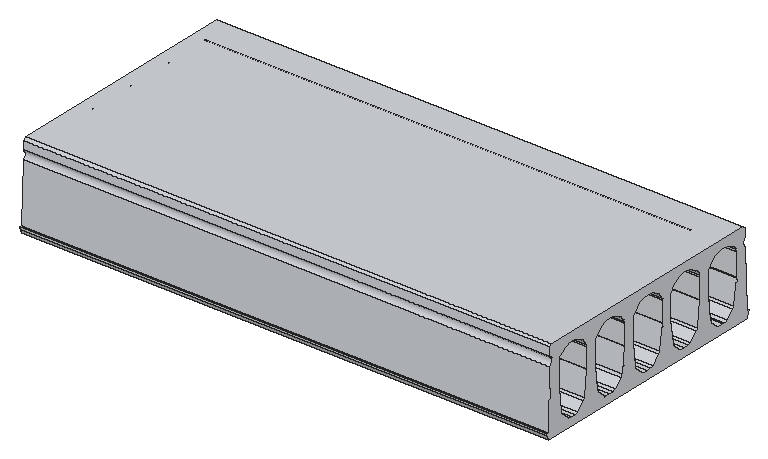
Revit family "EX40 dæk Spæncom", category Structural Framing, Revit 2014
Parameters
  Width element (formmål 1197mm) [instance] = 1197 mm
  Structural Material [instance] = none
  Model = "EX40"
  Manufacturer = "Spæncom"
  Length [instance] = 3000 mm
  Height = 400 mm  # constant formula
Reference planes
  plane 1 "Center (Front/Back)": y = 0
  plane 2 "Center Elevation": z = 0
  plane 3 "Center (Left/Right)": x = 0
  plane 4 "Left": x = -1500
  plane 5 "Member Left": x = -1250
  plane 6 "Stick Symbol Left": x = -1000
  plane 7 "Right": x = 1500
  plane 8 "Member Right": x = 1250
  plane 9 "Stick Symbol Right": x = 1000
Forms (mm)
  Extrusion 1, solid, material <- "Structural Material"
    sketch origin (-1750, 0, 0) x (0, -1, 0) y (0, 0, 1)
      loop
        line (-597.5, 20) -> (-587.5, 0) -> (587.5, 0) -> (597.5, 20) -> (598.5, 30) -> (588.5, 30) -> (580.235, 308.017)
        arc (580.235, 308.017) -> (567.613, 328.66) -> (578.986, 350.017) r 24.389
        line (578.986, 350.017) -> (577.797, 390.004) -> (567.5, 400) -> (-567.5, 400) -> (-577.797, 390.004) -> (-578.986, 350.017)
        arc (-578.986, 350.017) -> (-567.613, 328.66) -> (-580.235, 308.017) r 24.389
        line (-580.235, 308.017) -> (-588.5, 30) -> (-598.5, 30) -> (-597.5, 20)
      loop
        line (-460.394, 36) -> (-448, 36) -> (-426.106, 36)
        arc (-426.106, 36) -> (-418.594, 37.465) -> (-412.181, 41.644) r 20
        line (-412.181, 41.644) -> (-378.207, 74.599)
        arc (-378.207, 74.599) -> (-374.528, 79.463) -> (-372.486, 85.209) r 20
        line (-372.486, 85.209) -> (-358.653, 198.77)
        arc (-358.653, 198.77) -> (-358.586, 199.384) -> (-358.538, 200) r 20
        arc (-358.538, 200) -> (-358.51, 200.619) -> (-358.5, 201.239) r 20
        line (-358.5, 201.239) -> (-358.5, 296.147)
        arc (-358.5, 296.147) -> (-358.993, 300.561) -> (-360.448, 304.757) r 20
        arc (-360.448, 304.757) -> (-396.238, 345.035) -> (-448, 360) r 97
        arc (-448, 360) -> (-489.904, 350.482) -> (-523.584, 323.795) r 97
        arc (-523.584, 323.795) -> (-526.864, 317.905) -> (-528, 311.26) r 20
        line (-528, 311.26) -> (-528, 201.239)
        arc (-528, 201.239) -> (-527.962, 200.002) -> (-527.847, 198.77) r 20
        line (-527.847, 198.77) -> (-514.014, 85.209)
        arc (-514.014, 85.209) -> (-511.972, 79.463) -> (-508.293, 74.599) r 20
        line (-508.293, 74.599) -> (-474.319, 41.644)
        arc (-474.319, 41.644) -> (-467.906, 37.465) -> (-460.394, 36) r 20
      loop
        arc (-224, 360) -> (-275.762, 345.035) -> (-311.552, 304.757) r 97
        arc (-311.552, 304.757) -> (-313.007, 300.561) -> (-313.5, 296.147) r 20
        line (-313.5, 296.147) -> (-313.5, 201.239)
        arc (-313.5, 201.239) -> (-313.462, 200.002) -> (-313.347, 198.77) r 20
        line (-313.347, 198.77) -> (-299.514, 85.209)
        arc (-299.514, 85.209) -> (-297.472, 79.463) -> (-293.793, 74.599) r 20
        line (-293.793, 74.599) -> (-259.819, 41.644)
        arc (-259.819, 41.644) -> (-253.406, 37.465) -> (-245.894, 36) r 20
        line (-245.894, 36) -> (-224, 36) -> (-202.106, 36)
        arc (-202.106, 36) -> (-194.594, 37.465) -> (-188.181, 41.644) r 20
        line (-188.181, 41.644) -> (-154.207, 74.599)
        arc (-154.207, 74.599) -> (-150.528, 79.463) -> (-148.486, 85.209) r 20
        line (-148.486, 85.209) -> (-134.653, 198.77)
        arc (-134.653, 198.77) -> (-134.586, 199.384) -> (-134.538, 200) r 20
        arc (-134.538, 200) -> (-134.51, 200.619) -> (-134.5, 201.239) r 20
        line (-134.5, 201.239) -> (-134.5, 296.147)
        arc (-134.5, 296.147) -> (-134.993, 300.561) -> (-136.448, 304.757) r 20
        arc (-136.448, 304.757) -> (-172.238, 345.035) -> (-224, 360) r 97
      loop
        line (-21.894, 36) -> (0, 36) -> (21.894, 36)
        arc (21.894, 36) -> (29.406, 37.465) -> (35.819, 41.644) r 20
        line (35.819, 41.644) -> (69.793, 74.599)
        arc (69.793, 74.599) -> (73.472, 79.463) -> (75.514, 85.209) r 20
        line (75.514, 85.209) -> (89.347, 198.77)
        arc (89.347, 198.77) -> (89.462, 200.002) -> (89.5, 201.239) r 20
        line (89.5, 201.239) -> (89.5, 296.147)
        arc (89.5, 296.147) -> (89.007, 300.561) -> (87.552, 304.757) r 20
        arc (87.552, 304.757) -> (51.762, 345.035) -> (0, 360) r 97
        arc (0, 360) -> (-51.762, 345.035) -> (-87.552, 304.757) r 97
        arc (-87.552, 304.757) -> (-89.007, 300.561) -> (-89.5, 296.147) r 20
        line (-89.5, 296.147) -> (-89.5, 201.239)
        arc (-89.5, 201.239) -> (-89.49, 200.619) -> (-89.462, 200) r 20
        arc (-89.462, 200) -> (-89.414, 199.384) -> (-89.347, 198.77) r 20
        line (-89.347, 198.77) -> (-75.514, 85.209)
        arc (-75.514, 85.209) -> (-73.472, 79.463) -> (-69.793, 74.599) r 20
        line (-69.793, 74.599) -> (-35.819, 41.644)
        arc (-35.819, 41.644) -> (-29.406, 37.465) -> (-21.894, 36) r 20
      loop
        arc (245.894, 36) -> (253.406, 37.465) -> (259.819, 41.644) r 20
        line (259.819, 41.644) -> (293.793, 74.599)
        arc (293.793, 74.599) -> (297.472, 79.463) -> (299.514, 85.209) r 20
        line (299.514, 85.209) -> (313.347, 198.77)
        arc (313.347, 198.77) -> (313.462, 200.002) -> (313.5, 201.239) r 20
        line (313.5, 201.239) -> (313.5, 296.147)
        arc (313.5, 296.147) -> (313.007, 300.561) -> (311.552, 304.757) r 20
        arc (311.552, 304.757) -> (275.762, 345.035) -> (224, 360) r 97
        arc (224, 360) -> (172.238, 345.035) -> (136.448, 304.757) r 97
        arc (136.448, 304.757) -> (134.993, 300.561) -> (134.5, 296.147) r 20
        line (134.5, 296.147) -> (134.5, 201.239)
        arc (134.5, 201.239) -> (134.51, 200.619) -> (134.538, 200) r 20
        arc (134.538, 200) -> (134.586, 199.384) -> (134.653, 198.77) r 20
        line (134.653, 198.77) -> (148.486, 85.209)
        arc (148.486, 85.209) -> (150.528, 79.463) -> (154.207, 74.599) r 20
        line (154.207, 74.599) -> (188.181, 41.644)
        arc (188.181, 41.644) -> (194.594, 37.465) -> (202.106, 36) r 20
        line (202.106, 36) -> (224, 36) -> (245.894, 36)
      loop
        arc (412.181, 41.644) -> (418.594, 37.465) -> (426.106, 36) r 20
        line (426.106, 36) -> (448, 36) -> (460.394, 36)
        arc (460.394, 36) -> (467.906, 37.465) -> (474.319, 41.644) r 20
        line (474.319, 41.644) -> (508.293, 74.599)
        arc (508.293, 74.599) -> (511.972, 79.463) -> (514.014, 85.209) r 20
        line (514.014, 85.209) -> (527.847, 198.77)
        arc (527.847, 198.77) -> (527.962, 200.002) -> (528, 201.239) r 20
        line (528, 201.239) -> (528, 311.26)
        arc (528, 311.26) -> (526.864, 317.905) -> (523.584, 323.795) r 20
        arc (523.584, 323.795) -> (489.904, 350.482) -> (448, 360) r 97
        arc (448, 360) -> (396.238, 345.035) -> (360.448, 304.757) r 97
        arc (360.448, 304.757) -> (358.993, 300.561) -> (358.5, 296.147) r 20
        line (358.5, 296.147) -> (358.5, 201.239)
        arc (358.5, 201.239) -> (358.51, 200.619) -> (358.538, 200) r 20
        arc (358.538, 200) -> (358.586, 199.384) -> (358.653, 198.77) r 20
        line (358.653, 198.77) -> (372.486, 85.209)
        arc (372.486, 85.209) -> (374.528, 79.463) -> (378.207, 74.599) r 20
        line (378.207, 74.599) -> (412.181, 41.644)
    from -500 to -3000
  Extrusion 2, void
    sketch origin (1500, 1197, 0) x (0, -1, 0) y (0, 0, 1)
      loop
        line (598.5, 0) -> (598.5, 400) -> (-598.5, 400) -> (-598.5, 0) -> (598.5, 0)
    from 250 to 2750
Cuts and joins
  Extrusion 2 cuts Extrusion 1
Lines and regions (mm)
  model lines, style "Stick Symbols", detail levels coarse
    curve 1: line (-1000, 0, 0) -> (1000, 0, 0)
Dimensions and locks
  equal spacing: plane 4 "Left", plane 3 "Center (Left/Right)", plane 7 "Right"
  "Length": plane 4 "Left" to plane 7 "Right"
  "Height": Extrusion 1 to Extrusion 1
  "Width element (formmål 1197mm)": cut or joined group of Extrusion 1, Extrusion 2 to Extrusion 2 sketch curve
  aligned and locked: plane 1 "Center (Front/Back)" to curve 1
  aligned and locked: plane 6 "Stick Symbol Left" to curve 1
  aligned and locked: plane 9 "Stick Symbol Right" to curve 1
  aligned and locked: level to plane 2 "Center Elevation"
  aligned and locked: plane 5 "Member Left" to Extrusion 1
  aligned and locked: Extrusion 1 to plane 8 "Member Right"
  aligned and locked: Extrusion 2 to plane 5 "Member Left"
  aligned and locked: Extrusion 2 to plane 8 "Member Right"
Automatic sketch dimensions
  Extrusion 1 sketch curve to Extrusion 1 sketch curve = 0 mm  (x29)
  Extrusion 1 sketch curve to level = 0 mm
  Extrusion 1 sketch curve to plane 1 "Center (Front/Back)" = 35.819 mm
  Extrusion 1 sketch curve to plane 1 "Center (Front/Back)" = 55.868 mm
  Extrusion 1 sketch curve to plane 1 "Center (Front/Back)" = 69.5 mm  (x2)
  Extrusion 1 sketch curve to Extrusion 1 sketch curve = 13.925 mm  (x16)
  Extrusion 1 sketch curve to Extrusion 1 sketch curve = 5.721 mm  (x10)
  Extrusion 1 sketch curve to Extrusion 1 sketch curve = 19.847 mm  (x6)
  Extrusion 1 sketch curve to Extrusion 1 sketch curve = 0.153 mm  (x5)
  Extrusion 1 sketch curve to Extrusion 1 sketch curve = 45 mm  (x4)
  Extrusion 1 sketch curve to Extrusion 1 sketch curve = 72.972 mm  (x4)
  level to Extrusion 1 sketch curve = 74.599 mm  (x8)
  Extrusion 1 sketch curve to Extrusion 1 sketch curve = 20 mm  (x13)
  Extrusion 1 sketch curve to Extrusion 1 sketch curve = 19.646 mm  (x3)
  level to Extrusion 1 sketch curve = 41.644 mm  (x9)
  Extrusion 1 sketch curve to Extrusion 1 sketch curve = 33.974 mm  (x9)
  Extrusion 1 sketch curve to Extrusion 1 sketch curve = 69.5 mm  (x10)
  Extrusion 1 sketch curve to Extrusion 1 sketch curve = 21.894 mm  (x8)
  level to Extrusion 1 sketch curve = 85.209 mm  (x8)
  level to Extrusion 1 sketch curve = 198.77 mm  (x5)
  Extrusion 1 sketch curve to Extrusion 1 sketch curve = 12.394 mm  (x2)
  Extrusion 1 sketch curve to Extrusion 1 sketch curve = 60 mm  (x4)
  Extrusion 1 sketch curve to Extrusion 1 sketch curve = 39.5 mm  (x2)
  Extrusion 1 sketch curve to Extrusion 1 sketch curve = 10.297 mm  (x2)
  Extrusion 1 sketch curve to Extrusion 1 sketch curve = 1.189 mm  (x2)
  Extrusion 1 sketch curve to Extrusion 1 sketch curve = 1.249 mm  (x2)
  Extrusion 1 sketch curve to Extrusion 1 sketch curve = 79.207 mm  (x2)
  Extrusion 1 sketch curve to Extrusion 1 sketch curve = 1 mm  (x2)
  Extrusion 1 sketch curve to Extrusion 1 sketch curve = 13.005 mm
  level to Extrusion 1 sketch curve = 20 mm  (x2)
  Extrusion 1 sketch curve to Extrusion 1 sketch curve = 9 mm  (x2)
  Extrusion 1 sketch curve to Extrusion 1 sketch curve = 10 mm  (x3)
  Extrusion 1 sketch curve to plane 1 "Center (Front/Back)" = 21.894 mm
  plane 1 "Center (Front/Back)" to Extrusion 1 sketch curve = 0 mm
  level to Extrusion 1 sketch curve = 308.017 mm
  level to Extrusion 1 sketch curve = 30 mm
  Extrusion 1 sketch curve to Extrusion 1 sketch curve = 11.756 mm
  Extrusion 1 sketch curve to Extrusion 1 sketch curve = 5.644 mm  (x6)
  Extrusion 1 sketch curve to Extrusion 1 sketch curve = 10.611 mm  (x3)
  Extrusion 1 sketch curve to Extrusion 1 sketch curve = 32.955 mm
  Extrusion 1 sketch curve to Extrusion 1 sketch curve = 113.561 mm  (x2)
  Extrusion 1 sketch curve to Extrusion 1 sketch curve = 2.469 mm  (x3)
  Extrusion 1 sketch curve to Extrusion 1 sketch curve = 61.761 mm  (x5)
  Extrusion 1 sketch curve to Extrusion 1 sketch curve = 94.908 mm
  Extrusion 1 sketch curve to Extrusion 1 sketch curve = 33.147 mm  (x3)
  Extrusion 1 sketch curve to Extrusion 1 sketch curve = 106.777 mm
  Extrusion 1 sketch curve to Extrusion 1 sketch curve = 3.243 mm  (x2)
  Extrusion 1 sketch curve to Extrusion 1 sketch curve = 21.368 mm  (x2)
  Extrusion 1 sketch curve to Extrusion 1 sketch curve = 39.988 mm  (x2)
  Extrusion 1 sketch curve to Extrusion 1 sketch curve = 9.996 mm
  Extrusion 1 sketch curve to Extrusion 1 sketch curve = 0.115 mm  (x5)
  Extrusion 2 sketch curve to level = 0 mm
  Extrusion 2 sketch curve to Extrusion 2 sketch curve = 1197 mm
  level to Extrusion 2 sketch curve = 400 mm
